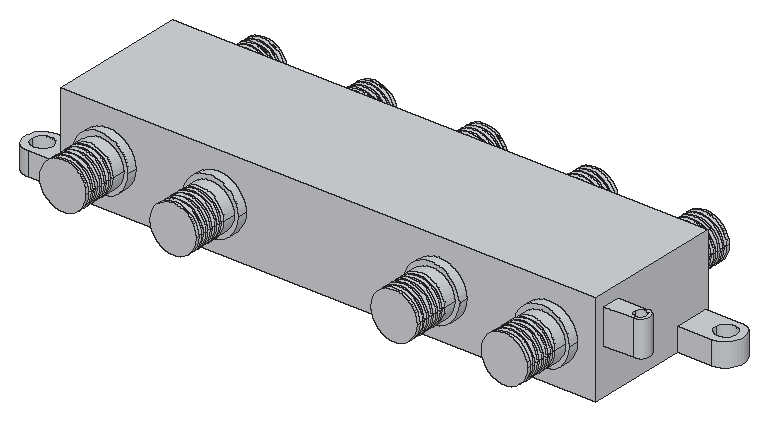
Revit family "Repetidor 812 ", category Aparatos eléctricos, Revit 2019 (continued)
Lines and regions (mm)
  model lines, detail levels fine
    curve 471: line (-47.718, -0.438, 0) -> (-46.381, -0.438, 0)
    curve 472: line (-44.071, -0.919, 0) -> (-45.405, -0.919, 0)
    curve 473: arc (-45.405, -0.919, 0) -> (-45.875, -0.778, 0) -> (-46.048, -0.319, 0) r 0.552
    curve 474: line (-46.048, -0.319, 0) -> (-46.048, 1.841, 0)
    curve 475: line (-46.048, 1.841, 0) -> (-45.557, 1.841, 0)
    curve 476: line (-45.557, 1.841, 0) -> (-45.557, -0.102, 0)
    curve 477: spline (-46.748, 0.571, 0) -> (-46.769, 0.64, 0) -> (-46.829, 0.704, 0) -> (-46.925, 0.76, 0) -> (-47.05, 0.802, 0) -> (-47.195, 0.829, 0) -> (-47.351, 0.838, 0) -> (-47.508, 0.829, 0) -> (-47.653, 0.802, 0) -> (-47.778, 0.76, 0) -> (-47.874, 0.704, 0) -> (-47.934, 0.64, 0) -> (-47.955, 0.571, 0) -> (-47.934, 0.501, 0) -> (-47.874, 0.437, 0) -> (-47.778, 0.381, 0) -> (-47.653, 0.339, 0) -> (-47.508, 0.312, 0) -> (-47.351, 0.303, 0) -> (-47.195, 0.312, 0) -> (-47.05, 0.339, 0) -> (-46.925, 0.381, 0) -> (-46.829, 0.437, 0) -> (-46.769, 0.501, 0) -> (-46.748, 0.571, 0)
    curve 478: line (-46.381, -0.438, 0) -> (-46.381, -0.919, 0)
    curve 479: line (-44.071, -0.39, 0) -> (-45.261, -0.39, 0)
    curve 480: arc (-45.261, -0.39, 0) -> (-45.467, -0.306, 0) -> (-45.557, -0.102, 0) r 0.296
    curve 481: line (-44.071, -0.919, 0) -> (-44.071, -0.39, 0)
  model lines, detail levels medium+fine
    curve 26: line (-0.19, 7.912, 20) -> (0.527, 6.265, 20)
    curve 27: arc (0.527, 6.265, 20) -> (1.2, 5.937, 20) -> (1.632, 6.548, 20) r 0.578
    curve 28: line (1.632, 6.548, 20) -> (1.679, 8.35, 20)
    curve 29: arc (1.679, 8.35, 20) -> (1.409, 8.621, 20) -> (1.151, 8.338, 20) r 0.264
    curve 30: line (1.151, 8.338, 20) -> (1.151, 6.834, 20)
    curve 31: line (-1.362, 8.527, 20) -> (-1.362, 6.117, 20)
    curve 32: line (0.845, 6.834, 20) -> (0.169, 8.287, 20)
    curve 33: arc (0.169, 8.287, 20) -> (-0.414, 8.642, 20) -> (-0.965, 8.238, 20) r 0.614
    curve 34: line (-0.965, 8.238, 20) -> (-0.965, 6.117, 20)
    curve 35: line (-2.725, 12.188, 20) -> (-2.725, 9.526, 20)
    curve 36: line (-2.725, 9.526, 20) -> (2.553, 9.526, 20)
    curve 37: line (2.553, 9.526, 20) -> (2.553, 12.171, 20)
    curve 38: line (0.093, 13.25, 20) -> (0.093, 11.719, 20)
    curve 39: line (-1.155, 11.719, 20) -> (-0.134, 10.698, 20)
    curve 40: line (-0.134, 10.698, 20) -> (0.888, 11.72, 20)
    curve 41: line (-0.461, 7.902, 20) -> (-0.461, 6.117, 20)
    curve 42: arc (-0.965, 6.117, 20) -> (-0.713, 5.865, 20) -> (-0.461, 6.117, 20) r 0.252
    curve 43: arc (-0.19, 7.912, 20) -> (-0.33, 8.038, 20) -> (-0.461, 7.902, 20) r 0.136
    curve 44: arc (1.151, 6.834, 20) -> (0.998, 6.737, 20) -> (0.845, 6.834, 20) r 0.169
    curve 45: line (-1.866, 8.527, 20) -> (-1.866, 6.117, 20)
    curve 46: line (-3.098, 12.188, 20) -> (-3.098, 9.152, 20)
    curve 47: line (-3.098, 9.152, 20) -> (2.927, 9.152, 20)
    curve 48: line (2.927, 9.152, 20) -> (2.927, 12.171, 20)
    curve 49: arc (-2.725, 12.188, 20) -> (-2.912, 12.374, 20) -> (-3.098, 12.188, 20) r 0.187
    curve 50: arc (2.553, 12.171, 20) -> (2.74, 12.358, 20) -> (2.927, 12.171, 20) r 0.187
    curve 51: line (-1.155, 11.719, 20) -> (0.093, 11.719, 20)
    curve 52: line (-0.134, 10.434, 20) -> (1.02, 11.588, 20)
    curve 53: line (-1.605, 11.906, 20) -> (-0.134, 10.434, 20)
    curve 54: line (-1.605, 11.906, 20) -> (-0.093, 11.906, 20)
    curve 55: line (-0.093, 13.25, 20) -> (-0.093, 11.906, 20)
    curve 56: arc (0.093, 13.25, 20) -> (0, 13.344, 20) -> (-0.093, 13.25, 20) r 0.093
    curve 57: arc (0.888, 11.72, 20) -> (1.02, 11.72, 20) -> (1.02, 11.588, 20) r 0.093
    curve 58: arc (-1.866, 6.117, 20) -> (-1.614, 5.865, 20) -> (-1.362, 6.117, 20) r 0.252
    curve 59: arc (-1.362, 8.527, 20) -> (-1.614, 8.78, 20) -> (-1.866, 8.527, 20) r 0.252
    curve 60: circle (-25.015, -8.535, 20) r 0.987 normal (0, 0, 1)
    curve 61: line (-22.335, -7.768, 20) -> (-22.335, -8.674, 20)
    curve 62: arc (-22.335, -8.674, 20) -> (-23.149, -9.468, 20) -> (-23.923, -8.635, 20) r 0.795
    curve 63: line (-23.923, -8.635, 20) -> (-23.923, -7.743, 20)
    curve 64: line (-22.203, -8.044, 20) -> (-21.708, -8.044, 20)
    curve 65: line (-21.708, -8.044, 20) -> (-21.708, -9.452, 20)
    curve 66: line (-21.708, -9.452, 20) -> (-21.285, -9.452, 20)
    curve 67: line (-21.285, -9.452, 20) -> (-21.285, -8.044, 20)
    curve 68: line (-21.285, -8.044, 20) -> (-20.795, -8.044, 20)
    curve 69: line (-21.796, -12.502, 20) -> (-21.796, -10.593, 20)
    curve 70: line (-21.796, -10.593, 20) -> (-25.541, -10.593, 20)
    curve 71: line (-25.541, -10.593, 20) -> (-25.541, -12.491, 20)
    curve 72: line (-25.926, -12.491, 20) -> (-25.926, -10.25, 20)
    curve 73: line (-25.926, -10.25, 20) -> (-21.413, -10.25, 20)
    curve 74: line (-21.413, -10.25, 20) -> (-21.413, -12.491, 20)
    curve 75: line (-23.655, -8.642, 20) -> (-23.655, -7.743, 20)
    curve 76: line (-22.602, -7.768, 20) -> (-22.602, -8.674, 20)
    curve 77: arc (-22.602, -8.674, 20) -> (-23.145, -9.201, 20) -> (-23.655, -8.642, 20) r 0.527
    curve 78: arc (-22.335, -7.768, 20) -> (-22.469, -7.634, 20) -> (-22.602, -7.768, 20) r 0.134
    curve 79: arc (-23.923, -7.743, 20) -> (-23.789, -7.609, 20) -> (-23.655, -7.743, 20) r 0.134
    curve 80: circle (-25.015, -8.535, 20) r 0.719 normal (0, 0, 1)
    curve 81: line (-22.203, -7.621, 20) -> (-20.795, -7.621, 20)
    curve 82: line (-22.203, -8.044, 20) -> (-22.203, -7.621, 20)
    curve 83: line (-20.795, -8.044, 20) -> (-20.795, -7.621, 20)
    curve 84: arc (-21.413, -12.491, 20) -> (-21.599, -12.694, 20) -> (-21.796, -12.502, 20) r 0.192
    curve 85: arc (-25.541, -12.491, 20) -> (-25.734, -12.684, 20) -> (-25.926, -12.491, 20) r 0.193
    curve 86: line (-23.49, -10.862, 20) -> (-23.49, -12.296, 20)
    curve 87: line (-24.388, -12.296, 20) -> (-23.655, -13.029, 20)
    curve 88: line (-23.655, -13.029, 20) -> (-22.923, -12.296, 20)
    curve 89: line (-24.388, -12.296, 20) -> (-23.49, -12.296, 20)
    curve 90: line (-23.655, -13.218, 20) -> (-22.828, -12.391, 20)
    curve 91: line (-24.711, -12.163, 20) -> (-23.655, -13.218, 20)
    curve 92: line (-24.711, -12.163, 20) -> (-23.629, -12.163, 20)
    curve 93: line (-23.629, -10.862, 20) -> (-23.629, -12.163, 20)
    curve 94: arc (-23.49, -10.862, 20) -> (-23.56, -10.792, 20) -> (-23.629, -10.862, 20) r 0.07
    curve 95: arc (-22.923, -12.296, 20) -> (-22.828, -12.296, 20) -> (-22.828, -12.391, 20) r 0.067
    curve 248: line (-6.321, 0.59, 20) -> (-8.166, 0.59, 20)
    curve 249: arc (-8.166, 0.59, 20) -> (-8.596, 1.02, 20) -> (-8.166, 1.449, 20) r 0.43
    curve 250: line (-8.166, 1.449, 20) -> (-6.321, 1.449, 20)
    curve 251: arc (-6.321, 1.449, 20) -> (-5.938, 1.832, 20) -> (-6.321, 2.215, 20) r 0.383
    curve 252: line (-6.321, 2.215, 20) -> (-8.288, 2.215, 20)
    curve 253: arc (-8.288, 2.215, 20) -> (-9.374, 1.345, 20) -> (-8.504, 0.259, 20) r 0.984
    curve 254: arc (-8.504, 0.259, 20) -> (-9.399, -0.869, 20) -> (-8.272, -1.765, 20) r 1.018
    curve 255: line (-8.272, -1.765, 20) -> (-6.321, -1.765, 20)
    curve 256: arc (-6.321, -1.765, 20) -> (-5.934, -1.377, 20) -> (-6.321, -0.99, 20) r 0.387
    curve 257: line (-6.321, -0.99, 20) -> (-8.166, -0.99, 20)
    curve 258: arc (-8.166, -0.99, 20) -> (-8.609, -0.548, 20) -> (-8.166, -0.106, 20) r 0.442
    curve 259: line (-8.166, -0.106, 20) -> (-6.321, -0.106, 20)
    curve 260: arc (-6.321, -0.106, 20) -> (-5.973, 0.242, 20) -> (-6.321, 0.59, 20) r 0.348
    curve 261: line (-10.599, -1.765, 20) -> (-11.695, -1.765, 20)
    curve 262: line (-11.695, -1.765, 20) -> (-12.584, -0.322, 20)
    curve 263: line (-12.584, -0.322, 20) -> (-13.699, -0.332, 20)
    curve 264: line (-13.699, -0.332, 20) -> (-13.699, -1.765, 20)
    curve 265: line (-13.699, -1.765, 20) -> (-14.471, -1.765, 20)
    curve 266: line (-14.471, -1.765, 20) -> (-14.471, 0.454, 20)
    curve 267: line (-14.471, 0.454, 20) -> (-12.15, 0.454, 20)
    curve 268: arc (-12.15, 0.454, 20) -> (-11.671, 0.932, 20) -> (-12.15, 1.41, 20) r 0.478
    curve 269: line (-12.15, 1.41, 20) -> (-14.471, 1.41, 20)
    curve 270: line (-14.471, 1.41, 20) -> (-14.471, 2.215, 20)
    curve 271: line (-14.471, 2.215, 20) -> (-12.053, 2.215, 20)
    curve 272: arc (-12.053, 2.215, 20) -> (-10.812, 1.094, 20) -> (-11.802, -0.254, 20) r 1.247
    curve 273: line (-11.802, -0.254, 20) -> (-10.599, -1.765, 20)
    curve 274: line (-4.339, -0.24, 20) -> (-4.339, -1.765, 20)
    curve 275: line (-4.339, -1.765, 20) -> (-5.196, -1.765, 20)
    curve 276: line (-5.196, -1.765, 20) -> (-5.196, -0.066, 20)
    curve 277: arc (-5.196, -0.066, 20) -> (-5.018, 0.358, 20) -> (-4.591, 0.528, 20) r 0.594
    curve 278: line (-4.591, 0.528, 20) -> (-2.773, 0.528, 20)
    curve 279: arc (-2.773, 0.528, 20) -> (-2.338, 0.963, 20) -> (-2.773, 1.398, 20) r 0.435
    curve 280: line (-2.773, 1.398, 20) -> (-5.196, 1.388, 20)
    curve 281: line (-5.196, 1.388, 20) -> (-5.196, 2.215, 20)
    curve 282: line (-5.196, 2.215, 20) -> (-2.852, 2.215, 20)
    curve 283: arc (-2.852, 2.215, 20) -> (-1.625, 0.988, 20) -> (-2.852, -0.24, 20) r 1.228
    curve 284: line (-2.852, -0.24, 20) -> (-4.339, -0.24, 20)
    curve 482: line (-0.19, 7.912, 0) -> (0.527, 6.265, 0)
    curve 483: arc (0.527, 6.265, 0) -> (1.2, 5.937, 0) -> (1.632, 6.548, 0) r 0.578
    curve 484: line (1.632, 6.548, 0) -> (1.679, 8.35, 0)
    curve 485: arc (1.679, 8.35, 0) -> (1.409, 8.621, 0) -> (1.151, 8.338, 0) r 0.264
    curve 486: line (1.151, 8.338, 0) -> (1.151, 6.834, 0)
    curve 487: line (-1.362, 8.527, 0) -> (-1.362, 6.117, 0)
    curve 488: line (0.845, 6.834, 0) -> (0.169, 8.287, 0)
    curve 489: arc (0.169, 8.287, 0) -> (-0.414, 8.642, 0) -> (-0.965, 8.238, 0) r 0.614
    curve 490: line (-0.965, 8.238, 0) -> (-0.965, 6.117, 0)
    curve 491: line (-2.725, 12.188, 0) -> (-2.725, 9.526, 0)
    curve 492: line (-2.725, 9.526, 0) -> (2.553, 9.526, 0)
    curve 493: line (2.553, 9.526, 0) -> (2.553, 12.171, 0)
    curve 494: line (0.093, 13.25, 0) -> (0.093, 11.719, 0)
    curve 495: line (-1.155, 11.719, 0) -> (-0.134, 10.698, 0)
    curve 496: line (-0.134, 10.698, 0) -> (0.888, 11.72, 0)
    curve 497: line (-0.461, 7.902, 0) -> (-0.461, 6.117, 0)
    curve 498: arc (-0.965, 6.117, 0) -> (-0.713, 5.865, 0) -> (-0.461, 6.117, 0) r 0.252
    curve 499: arc (-0.19, 7.912, 0) -> (-0.33, 8.038, 0) -> (-0.461, 7.902, 0) r 0.136
    curve 500: arc (1.151, 6.834, 0) -> (0.998, 6.737, 0) -> (0.845, 6.834, 0) r 0.169
    curve 501: line (-1.866, 8.527, 0) -> (-1.866, 6.117, 0)
    curve 502: line (-3.098, 12.188, 0) -> (-3.098, 9.152, 0)
    curve 503: line (-3.098, 9.152, 0) -> (2.927, 9.152, 0)
    curve 504: line (2.927, 9.152, 0) -> (2.927, 12.171, 0)
    curve 505: arc (-2.725, 12.188, 0) -> (-2.912, 12.374, 0) -> (-3.098, 12.188, 0) r 0.187
    curve 506: arc (2.553, 12.171, 0) -> (2.74, 12.358, 0) -> (2.927, 12.171, 0) r 0.187
    curve 507: line (-1.155, 11.719, 0) -> (0.093, 11.719, 0)
    curve 508: line (-0.134, 10.434, 0) -> (1.02, 11.588, 0)
    curve 509: line (-1.605, 11.906, 0) -> (-0.134, 10.434, 0)
    curve 510: line (-1.605, 11.906, 0) -> (-0.093, 11.906, 0)
    curve 511: line (-0.093, 13.25, 0) -> (-0.093, 11.906, 0)
    curve 512: arc (0.093, 13.25, 0) -> (0, 13.344, 0) -> (-0.093, 13.25, 0) r 0.093
    curve 513: arc (0.888, 11.72, 0) -> (1.02, 11.72, 0) -> (1.02, 11.588, 0) r 0.093
    curve 514: arc (-1.866, 6.117, 0) -> (-1.614, 5.865, 0) -> (-1.362, 6.117, 0) r 0.252
    curve 515: arc (-1.362, 8.527, 0) -> (-1.614, 8.78, 0) -> (-1.866, 8.527, 0) r 0.252
    curve 516: circle (-3.329, -7.575, 0) r 0.987 normal (0, 0, 1)
    curve 517: line (-0.649, -6.809, 0) -> (-0.649, -7.714, 0)
    curve 518: arc (-0.649, -7.714, 0) -> (-1.463, -8.509, 0) -> (-2.237, -7.675, 0) r 0.795
    curve 519: line (-2.237, -7.675, 0) -> (-2.237, -6.784, 0)
    curve 520: line (-0.517, -7.084, 0) -> (-0.022, -7.084, 0)
    curve 521: line (-0.022, -7.084, 0) -> (-0.022, -8.492, 0)
    curve 522: line (-0.022, -8.492, 0) -> (0.401, -8.492, 0)
    curve 523: line (0.401, -8.492, 0) -> (0.401, -7.084, 0)
    curve 524: line (0.401, -7.084, 0) -> (0.892, -7.084, 0)
    curve 525: line (-0.11, -11.543, 0) -> (-0.11, -9.634, 0)
    curve 526: line (-0.11, -9.634, 0) -> (-3.855, -9.634, 0)
    curve 527: line (-3.855, -9.634, 0) -> (-3.855, -11.531, 0)
    curve 528: line (-4.24, -11.531, 0) -> (-4.24, -9.29, 0)
    curve 529: line (-4.24, -9.29, 0) -> (0.273, -9.29, 0)
    curve 530: line (0.273, -9.29, 0) -> (0.273, -11.531, 0)
    curve 531: line (-1.969, -7.682, 0) -> (-1.969, -6.784, 0)
    curve 532: line (-0.916, -6.809, 0) -> (-0.916, -7.714, 0)
    curve 533: arc (-0.916, -7.714, 0) -> (-1.459, -8.241, 0) -> (-1.969, -7.682, 0) r 0.527
    curve 534: arc (-0.649, -6.809, 0) -> (-0.782, -6.675, 0) -> (-0.916, -6.809, 0) r 0.134
    curve 535: arc (-2.237, -6.784, 0) -> (-2.103, -6.65, 0) -> (-1.969, -6.784, 0) r 0.134
    curve 536: circle (-3.329, -7.575, 0) r 0.719 normal (0, 0, 1)
    curve 537: line (-0.517, -6.661, 0) -> (0.892, -6.661, 0)
    curve 538: line (-0.517, -7.084, 0) -> (-0.517, -6.661, 0)
    curve 539: line (0.892, -7.084, 0) -> (0.892, -6.661, 0)
    curve 540: arc (0.273, -11.531, 0) -> (0.087, -11.735, 0) -> (-0.11, -11.543, 0) r 0.192
    curve 541: arc (-3.855, -11.531, 0) -> (-4.048, -11.724, 0) -> (-4.24, -11.531, 0) r 0.193
    curve 542: line (-1.804, -9.902, 0) -> (-1.804, -11.337, 0)
    curve 543: line (-2.702, -11.337, 0) -> (-1.969, -12.069, 0)
    curve 544: line (-1.969, -12.069, 0) -> (-1.237, -11.336, 0)
    curve 545: line (-2.702, -11.337, 0) -> (-1.804, -11.337, 0)
    curve 546: line (-1.969, -12.258, 0) -> (-1.142, -11.431, 0)
    curve 547: line (-3.025, -11.203, 0) -> (-1.969, -12.258, 0)
    curve 548: line (-3.025, -11.203, 0) -> (-1.943, -11.203, 0)
    curve 549: line (-1.943, -9.902, 0) -> (-1.943, -11.203, 0)
    curve 550: arc (-1.804, -9.902, 0) -> (-1.874, -9.833, 0) -> (-1.943, -9.902, 0) r 0.07
    curve 551: arc (-1.237, -11.336, 0) -> (-1.142, -11.336, 0) -> (-1.142, -11.431, 0) r 0.067
    curve 552: line (-13.799, 2.641, 0) -> (-15.644, 2.641, 0)
    curve 553: arc (-15.644, 2.641, 0) -> (-16.074, 3.07, 0) -> (-15.644, 3.5, 0) r 0.43
    curve 554: line (-15.644, 3.5, 0) -> (-13.799, 3.5, 0)
    curve 555: arc (-13.799, 3.5, 0) -> (-13.416, 3.883, 0) -> (-13.799, 4.266, 0) r 0.383
    curve 556: line (-13.799, 4.266, 0) -> (-15.766, 4.266, 0)
    curve 557: arc (-15.766, 4.266, 0) -> (-16.852, 3.396, 0) -> (-15.982, 2.309, 0) r 0.984
    curve 558: arc (-15.982, 2.309, 0) -> (-16.877, 1.182, 0) -> (-15.75, 0.286, 0) r 1.018
    curve 559: line (-15.75, 0.286, 0) -> (-13.799, 0.286, 0)
    curve 560: arc (-13.799, 0.286, 0) -> (-13.412, 0.673, 0) -> (-13.799, 1.06, 0) r 0.387
    curve 561: line (-13.799, 1.06, 0) -> (-15.644, 1.06, 0)
    curve 562: arc (-15.644, 1.06, 0) -> (-16.087, 1.502, 0) -> (-15.644, 1.945, 0) r 0.442
    curve 563: line (-15.644, 1.945, 0) -> (-13.799, 1.945, 0)
    curve 564: arc (-13.799, 1.945, 0) -> (-13.451, 2.293, 0) -> (-13.799, 2.641, 0) r 0.348
    curve 565: line (-18.077, 0.286, 0) -> (-19.173, 0.286, 0)
    curve 566: line (-19.173, 0.286, 0) -> (-20.062, 1.728, 0)
    curve 567: line (-20.062, 1.728, 0) -> (-21.176, 1.718, 0)
    curve 568: line (-21.176, 1.718, 0) -> (-21.176, 0.286, 0)
    curve 569: line (-21.176, 0.286, 0) -> (-21.949, 0.286, 0)
    curve 570: line (-21.949, 0.286, 0) -> (-21.949, 2.504, 0)
    curve 571: line (-21.949, 2.504, 0) -> (-19.628, 2.504, 0)
    curve 572: arc (-19.628, 2.504, 0) -> (-19.149, 2.982, 0) -> (-19.628, 3.461, 0) r 0.478
    curve 573: line (-19.628, 3.461, 0) -> (-21.949, 3.461, 0)
    curve 574: line (-21.949, 3.461, 0) -> (-21.949, 4.266, 0)
    curve 575: line (-21.949, 4.266, 0) -> (-19.531, 4.266, 0)
    curve 576: arc (-19.531, 4.266, 0) -> (-18.29, 3.145, 0) -> (-19.28, 1.797, 0) r 1.247
    curve 577: line (-19.28, 1.797, 0) -> (-18.077, 0.286, 0)
    curve 578: line (-11.817, 1.811, 0) -> (-11.817, 0.286, 0)
    curve 579: line (-11.817, 0.286, 0) -> (-12.674, 0.286, 0)
    curve 580: line (-12.674, 0.286, 0) -> (-12.674, 1.985, 0)
    curve 581: arc (-12.674, 1.985, 0) -> (-12.496, 2.409, 0) -> (-12.069, 2.578, 0) r 0.594
    curve 582: line (-12.069, 2.578, 0) -> (-10.251, 2.578, 0)
    curve 583: arc (-10.251, 2.578, 0) -> (-9.816, 3.013, 0) -> (-10.251, 3.448, 0) r 0.435
    curve 584: line (-10.251, 3.448, 0) -> (-12.674, 3.438, 0)
    curve 585: line (-12.674, 3.438, 0) -> (-12.674, 4.266, 0)
    curve 586: line (-12.674, 4.266, 0) -> (-10.33, 4.266, 0)
    curve 587: arc (-10.33, 4.266, 0) -> (-9.102, 3.038, 0) -> (-10.33, 1.811, 0) r 1.228
    curve 588: line (-10.33, 1.811, 0) -> (-11.817, 1.811, 0)
    curve 661: circle (22.485, -8.535, 20) r 0.987 normal (0, 0, 1)
    curve 662: line (25.165, -7.768, 20) -> (25.165, -8.674, 20)
    curve 663: arc (25.165, -8.674, 20) -> (24.351, -9.468, 20) -> (23.577, -8.635, 20) r 0.795
    curve 664: line (23.577, -8.635, 20) -> (23.577, -7.743, 20)
    curve 665: line (25.297, -8.044, 20) -> (25.792, -8.044, 20)
    curve 666: line (25.792, -8.044, 20) -> (25.792, -9.452, 20)
    curve 667: line (25.792, -9.452, 20) -> (26.215, -9.452, 20)
    curve 668: line (26.215, -9.452, 20) -> (26.215, -8.044, 20)
    curve 669: line (26.215, -8.044, 20) -> (26.705, -8.044, 20)
    curve 670: line (25.704, -12.502, 20) -> (25.704, -10.593, 20)
    curve 671: line (25.704, -10.593, 20) -> (21.959, -10.593, 20)
    curve 672: line (21.959, -10.593, 20) -> (21.959, -12.491, 20)
    curve 673: line (21.574, -12.491, 20) -> (21.574, -10.25, 20)
    curve 674: line (21.574, -10.25, 20) -> (26.087, -10.25, 20)
    curve 675: line (26.087, -10.25, 20) -> (26.087, -12.491, 20)
    curve 676: line (23.845, -8.642, 20) -> (23.845, -7.743, 20)
    curve 677: line (24.898, -7.768, 20) -> (24.898, -8.674, 20)
    curve 678: arc (24.898, -8.674, 20) -> (24.355, -9.201, 20) -> (23.845, -8.642, 20) r 0.527
    curve 679: arc (25.165, -7.768, 20) -> (25.031, -7.634, 20) -> (24.898, -7.768, 20) r 0.134
    curve 680: arc (23.577, -7.743, 20) -> (23.711, -7.609, 20) -> (23.845, -7.743, 20) r 0.134
    curve 681: circle (22.485, -8.535, 20) r 0.719 normal (0, 0, 1)
    curve 682: line (25.297, -7.621, 20) -> (26.705, -7.621, 20)
    curve 683: line (25.297, -8.044, 20) -> (25.297, -7.621, 20)
    curve 684: line (26.705, -8.044, 20) -> (26.705, -7.621, 20)
    curve 685: arc (26.087, -12.491, 20) -> (25.901, -12.694, 20) -> (25.704, -12.502, 20) r 0.192
    curve 686: arc (21.959, -12.491, 20) -> (21.766, -12.684, 20) -> (21.574, -12.491, 20) r 0.193
    curve 687: line (24.01, -10.862, 20) -> (24.01, -12.296, 20)
    curve 688: line (23.112, -12.296, 20) -> (23.845, -13.029, 20)
    curve 689: line (23.845, -13.029, 20) -> (24.577, -12.296, 20)
    curve 690: line (23.112, -12.296, 20) -> (24.01, -12.296, 20)
    curve 691: line (23.845, -13.218, 20) -> (24.672, -12.391, 20)
    curve 692: line (22.789, -12.163, 20) -> (23.845, -13.218, 20)
    curve 693: line (22.789, -12.163, 20) -> (23.871, -12.163, 20)
    curve 694: line (23.871, -10.862, 20) -> (23.871, -12.163, 20)
    curve 695: arc (24.01, -10.862, 20) -> (23.94, -10.792, 20) -> (23.871, -10.862, 20) r 0.07
    curve 696: arc (24.577, -12.296, 20) -> (24.672, -12.296, 20) -> (24.672, -12.391, 20) r 0.067
    curve 697: circle (46.235, -8.535, 20) r 0.987 normal (0, 0, 1)
    curve 698: line (48.915, -7.768, 20) -> (48.915, -8.674, 20)
    curve 699: arc (48.915, -8.674, 20) -> (48.101, -9.468, 20) -> (47.327, -8.635, 20) r 0.795
    curve 700: line (47.327, -8.635, 20) -> (47.327, -7.743, 20)
    curve 701: line (49.047, -8.044, 20) -> (49.542, -8.044, 20)
    curve 702: line (49.542, -8.044, 20) -> (49.542, -9.452, 20)
    curve 703: line (49.542, -9.452, 20) -> (49.965, -9.452, 20)
    curve 704: line (49.965, -9.452, 20) -> (49.965, -8.044, 20)
    curve 705: line (49.965, -8.044, 20) -> (50.455, -8.044, 20)
    curve 706: line (49.454, -12.502, 20) -> (49.454, -10.593, 20)
    curve 707: line (49.454, -10.593, 20) -> (45.709, -10.593, 20)
    curve 708: line (45.709, -10.593, 20) -> (45.709, -12.491, 20)
    curve 709: line (45.324, -12.491, 20) -> (45.324, -10.25, 20)
    curve 710: line (45.324, -10.25, 20) -> (49.837, -10.25, 20)
    curve 711: line (49.837, -10.25, 20) -> (49.837, -12.491, 20)
    curve 712: line (47.595, -8.642, 20) -> (47.595, -7.743, 20)
    curve 713: line (48.648, -7.768, 20) -> (48.648, -8.674, 20)
    curve 714: arc (48.648, -8.674, 20) -> (48.105, -9.201, 20) -> (47.595, -8.642, 20) r 0.527
    curve 715: arc (48.915, -7.768, 20) -> (48.781, -7.634, 20) -> (48.648, -7.768, 20) r 0.134
    curve 716: arc (47.327, -7.743, 20) -> (47.461, -7.609, 20) -> (47.595, -7.743, 20) r 0.134
    curve 717: circle (46.235, -8.535, 20) r 0.719 normal (0, 0, 1)
    curve 718: line (49.047, -7.621, 20) -> (50.455, -7.621, 20)
    curve 719: line (49.047, -8.044, 20) -> (49.047, -7.621, 20)
    curve 720: line (50.455, -8.044, 20) -> (50.455, -7.621, 20)
    curve 721: arc (49.837, -12.491, 20) -> (49.651, -12.694, 20) -> (49.454, -12.502, 20) r 0.192
    curve 722: arc (45.709, -12.491, 20) -> (45.516, -12.684, 20) -> (45.324, -12.491, 20) r 0.193
    curve 723: line (47.76, -10.862, 20) -> (47.76, -12.296, 20)
    curve 724: line (46.862, -12.296, 20) -> (47.595, -13.029, 20)
    curve 725: line (47.595, -13.029, 20) -> (48.327, -12.296, 20)
    curve 726: line (46.862, -12.296, 20) -> (47.76, -12.296, 20)
    curve 727: line (47.595, -13.218, 20) -> (48.422, -12.391, 20)
    curve 728: line (46.539, -12.163, 20) -> (47.595, -13.218, 20)
    curve 729: line (46.539, -12.163, 20) -> (47.621, -12.163, 20)
    curve 730: line (47.621, -10.862, 20) -> (47.621, -12.163, 20)
    curve 731: arc (47.76, -10.862, 20) -> (47.69, -10.792, 20) -> (47.621, -10.862, 20) r 0.07
    curve 732: arc (48.327, -12.296, 20) -> (48.422, -12.296, 20) -> (48.422, -12.391, 20) r 0.067
    curve 733: circle (-48.765, -8.535, 20) r 0.987 normal (0, 0, 1)
    curve 734: line (-46.085, -7.768, 20) -> (-46.085, -8.674, 20)
    curve 735: arc (-46.085, -8.674, 20) -> (-46.899, -9.468, 20) -> (-47.673, -8.635, 20) r 0.795
    curve 736: line (-47.673, -8.635, 20) -> (-47.673, -7.743, 20)
    curve 737: line (-45.953, -8.044, 20) -> (-45.458, -8.044, 20)
    curve 738: line (-45.458, -8.044, 20) -> (-45.458, -9.452, 20)
    curve 739: line (-45.458, -9.452, 20) -> (-45.035, -9.452, 20)
    curve 740: line (-45.035, -9.452, 20) -> (-45.035, -8.044, 20)
    curve 741: line (-45.035, -8.044, 20) -> (-44.545, -8.044, 20)
    curve 742: line (-45.546, -12.502, 20) -> (-45.546, -10.593, 20)
    curve 743: line (-45.546, -10.593, 20) -> (-49.291, -10.593, 20)
    curve 744: line (-49.291, -10.593, 20) -> (-49.291, -12.491, 20)
    curve 745: line (-49.676, -12.491, 20) -> (-49.676, -10.25, 20)
    curve 746: line (-49.676, -10.25, 20) -> (-45.163, -10.25, 20)
    curve 747: line (-45.163, -10.25, 20) -> (-45.163, -12.491, 20)
    curve 748: line (-47.405, -8.642, 20) -> (-47.405, -7.743, 20)
    curve 749: line (-46.352, -7.768, 20) -> (-46.352, -8.674, 20)
    curve 750: arc (-46.352, -8.674, 20) -> (-46.895, -9.201, 20) -> (-47.405, -8.642, 20) r 0.527
    curve 751: arc (-46.085, -7.768, 20) -> (-46.219, -7.634, 20) -> (-46.352, -7.768, 20) r 0.134
    curve 752: arc (-47.673, -7.743, 20) -> (-47.539, -7.609, 20) -> (-47.405, -7.743, 20) r 0.134
    curve 753: circle (-48.765, -8.535, 20) r 0.719 normal (0, 0, 1)
    curve 754: line (-45.953, -7.621, 20) -> (-44.545, -7.621, 20)
    curve 755: line (-45.953, -8.044, 20) -> (-45.953, -7.621, 20)
    curve 756: line (-44.545, -8.044, 20) -> (-44.545, -7.621, 20)
    curve 757: arc (-45.163, -12.491, 20) -> (-45.349, -12.694, 20) -> (-45.546, -12.502, 20) r 0.192
    curve 758: arc (-49.291, -12.491, 20) -> (-49.484, -12.684, 20) -> (-49.676, -12.491, 20) r 0.193
    curve 759: line (-47.24, -10.862, 20) -> (-47.24, -12.296, 20)
    curve 760: line (-48.138, -12.296, 20) -> (-47.405, -13.029, 20)
    curve 761: line (-47.405, -13.029, 20) -> (-46.673, -12.296, 20)
    curve 762: line (-48.138, -12.296, 20) -> (-47.24, -12.296, 20)
    curve 763: line (-47.405, -13.218, 20) -> (-46.578, -12.391, 20)
    curve 764: line (-48.461, -12.163, 20) -> (-47.405, -13.218, 20)
    curve 765: line (-48.461, -12.163, 20) -> (-47.379, -12.163, 20)
    curve 766: line (-47.379, -10.862, 20) -> (-47.379, -12.163, 20)
    curve 767: arc (-47.24, -10.862, 20) -> (-47.31, -10.792, 20) -> (-47.379, -10.862, 20) r 0.07
    curve 768: arc (-46.673, -12.296, 20) -> (-46.578, -12.296, 20) -> (-46.578, -12.391, 20) r 0.067
    curve 769: circle (-25.327, 11.047, 20) r 0.987 normal (0, 0, 1)
    curve 770: line (-22.647, 11.813, 20) -> (-22.647, 10.908, 20)
    curve 771: arc (-22.647, 10.908, 20) -> (-23.462, 10.113, 20) -> (-24.236, 10.947, 20) r 0.795
    curve 772: line (-24.236, 10.947, 20) -> (-24.236, 11.838, 20)
    curve 773: line (-22.516, 11.537, 20) -> (-22.02, 11.537, 20)
    curve 774: line (-22.02, 11.537, 20) -> (-22.02, 10.13, 20)
    curve 775: line (-22.02, 10.13, 20) -> (-21.597, 10.13, 20)
    curve 776: line (-21.597, 10.13, 20) -> (-21.597, 11.537, 20)
    curve 777: line (-21.597, 11.537, 20) -> (-21.107, 11.537, 20)
    curve 778: line (-22.109, 7.079, 20) -> (-22.109, 8.988, 20)
    curve 779: line (-22.109, 8.988, 20) -> (-25.853, 8.988, 20)
    curve 780: line (-25.853, 8.988, 20) -> (-25.853, 7.091, 20)
    curve 781: line (-26.239, 7.091, 20) -> (-26.239, 9.332, 20)
    curve 782: line (-26.239, 9.332, 20) -> (-21.725, 9.332, 20)
    curve 783: line (-21.725, 9.332, 20) -> (-21.725, 7.091, 20)
    curve 784: line (-23.968, 10.94, 20) -> (-23.968, 11.838, 20)
    curve 785: line (-22.915, 11.813, 20) -> (-22.915, 10.908, 20)
    curve 786: arc (-22.915, 10.908, 20) -> (-23.458, 10.381, 20) -> (-23.968, 10.94, 20) r 0.527
    curve 787: arc (-22.647, 11.813, 20) -> (-22.781, 11.947, 20) -> (-22.915, 11.813, 20) r 0.134
    curve 788: arc (-24.236, 11.838, 20) -> (-24.102, 11.972, 20) -> (-23.968, 11.838, 20) r 0.134
    curve 789: circle (-25.327, 11.047, 20) r 0.719 normal (0, 0, 1)
    curve 790: line (-22.516, 11.961, 20) -> (-21.107, 11.961, 20)
    curve 791: line (-22.516, 11.537, 20) -> (-22.516, 11.961, 20)
    curve 792: line (-21.107, 11.537, 20) -> (-21.107, 11.961, 20)
    curve 793: arc (-21.725, 7.091, 20) -> (-21.911, 6.887, 20) -> (-22.109, 7.079, 20) r 0.192
    curve 794: arc (-25.853, 7.091, 20) -> (-26.046, 6.898, 20) -> (-26.239, 7.091, 20) r 0.193
    curve 795: line (-23.803, 8.72, 20) -> (-23.803, 7.285, 20)
    curve 796: line (-24.7, 7.285, 20) -> (-23.968, 6.553, 20)
    curve 797: line (-23.968, 6.553, 20) -> (-23.235, 7.286, 20)
    curve 798: line (-24.7, 7.285, 20) -> (-23.803, 7.285, 20)
    curve 799: line (-23.968, 6.364, 20) -> (-23.141, 7.191, 20)
    curve 800: line (-25.023, 7.419, 20) -> (-23.968, 6.364, 20)
    curve 801: line (-25.023, 7.419, 20) -> (-23.942, 7.419, 20)
    curve 802: line (-23.942, 8.72, 20) -> (-23.942, 7.419, 20)
    curve 803: arc (-23.803, 8.72, 20) -> (-23.872, 8.789, 20) -> (-23.942, 8.72, 20) r 0.07
    curve 804: arc (-23.235, 7.286, 20) -> (-23.141, 7.286, 20) -> (-23.141, 7.191, 20) r 0.067
    curve 805: circle (22.173, 11.047, 20) r 0.987 normal (0, 0, 1)
    curve 806: line (24.853, 11.813, 20) -> (24.853, 10.908, 20)
    curve 807: arc (24.853, 10.908, 20) -> (24.038, 10.113, 20) -> (23.264, 10.947, 20) r 0.795
    curve 808: line (23.264, 10.947, 20) -> (23.264, 11.838, 20)
    curve 809: line (24.984, 11.537, 20) -> (25.48, 11.537, 20)
    curve 810: line (25.48, 11.537, 20) -> (25.48, 10.13, 20)
    curve 811: line (25.48, 10.13, 20) -> (25.903, 10.13, 20)
    curve 812: line (25.903, 10.13, 20) -> (25.903, 11.537, 20)
    curve 813: line (25.903, 11.537, 20) -> (26.393, 11.537, 20)
    curve 814: line (25.391, 7.079, 20) -> (25.391, 8.988, 20)
    curve 815: line (25.391, 8.988, 20) -> (21.647, 8.988, 20)
    curve 816: line (21.647, 8.988, 20) -> (21.647, 7.091, 20)
    curve 817: line (21.261, 7.091, 20) -> (21.261, 9.332, 20)
    curve 818: line (21.261, 9.332, 20) -> (25.775, 9.332, 20)
    curve 819: line (25.775, 9.332, 20) -> (25.775, 7.091, 20)
    curve 820: line (23.532, 10.94, 20) -> (23.532, 11.838, 20)
    curve 821: line (24.585, 11.813, 20) -> (24.585, 10.908, 20)
    curve 822: arc (24.585, 10.908, 20) -> (24.042, 10.381, 20) -> (23.532, 10.94, 20) r 0.527
    curve 823: arc (24.853, 11.813, 20) -> (24.719, 11.947, 20) -> (24.585, 11.813, 20) r 0.134
    curve 824: arc (23.264, 11.838, 20) -> (23.398, 11.972, 20) -> (23.532, 11.838, 20) r 0.134
    curve 825: circle (22.173, 11.047, 20) r 0.719 normal (0, 0, 1)
    curve 826: line (24.984, 11.961, 20) -> (26.393, 11.961, 20)
    curve 827: line (24.984, 11.537, 20) -> (24.984, 11.961, 20)
    curve 828: line (26.393, 11.537, 20) -> (26.393, 11.961, 20)
    curve 829: arc (25.775, 7.091, 20) -> (25.589, 6.887, 20) -> (25.391, 7.079, 20) r 0.192
    curve 830: arc (21.647, 7.091, 20) -> (21.454, 6.898, 20) -> (21.261, 7.091, 20) r 0.193
    curve 831: line (23.697, 8.72, 20) -> (23.697, 7.285, 20)
    curve 832: line (22.8, 7.285, 20) -> (23.532, 6.553, 20)
    curve 833: line (23.532, 6.553, 20) -> (24.265, 7.286, 20)
    curve 834: line (22.8, 7.285, 20) -> (23.697, 7.285, 20)
    curve 835: line (23.532, 6.364, 20) -> (24.359, 7.191, 20)
    curve 836: line (22.477, 7.419, 20) -> (23.532, 6.364, 20)
    curve 837: line (22.477, 7.419, 20) -> (23.558, 7.419, 20)
    curve 838: line (23.558, 8.72, 20) -> (23.558, 7.419, 20)
    curve 839: arc (23.697, 8.72, 20) -> (23.628, 8.789, 20) -> (23.558, 8.72, 20) r 0.07
    curve 840: arc (24.265, 7.286, 20) -> (24.359, 7.286, 20) -> (24.359, 7.191, 20) r 0.067
    curve 841: circle (45.923, 11.047, 20) r 0.987 normal (0, 0, 1)
    curve 842: line (48.603, 11.813, 20) -> (48.603, 10.908, 20)
    curve 843: arc (48.603, 10.908, 20) -> (47.788, 10.113, 20) -> (47.014, 10.947, 20) r 0.795
    curve 844: line (47.014, 10.947, 20) -> (47.014, 11.838, 20)
    curve 845: line (48.734, 11.537, 20) -> (49.23, 11.537, 20)
    curve 846: line (49.23, 11.537, 20) -> (49.23, 10.13, 20)
    curve 847: line (49.23, 10.13, 20) -> (49.653, 10.13, 20)
    curve 848: line (49.653, 10.13, 20) -> (49.653, 11.537, 20)
    curve 849: line (49.653, 11.537, 20) -> (50.143, 11.537, 20)
    curve 850: line (49.141, 7.079, 20) -> (49.141, 8.988, 20)
    curve 851: line (49.141, 8.988, 20) -> (45.397, 8.988, 20)
    curve 852: line (45.397, 8.988, 20) -> (45.397, 7.091, 20)
    curve 853: line (45.011, 7.091, 20) -> (45.011, 9.332, 20)
    curve 854: line (45.011, 9.332, 20) -> (49.525, 9.332, 20)
    curve 855: line (49.525, 9.332, 20) -> (49.525, 7.091, 20)
    curve 856: line (47.282, 10.94, 20) -> (47.282, 11.838, 20)
    curve 857: line (48.335, 11.813, 20) -> (48.335, 10.908, 20)
    curve 858: arc (48.335, 10.908, 20) -> (47.792, 10.381, 20) -> (47.282, 10.94, 20) r 0.527
    curve 859: arc (48.603, 11.813, 20) -> (48.469, 11.947, 20) -> (48.335, 11.813, 20) r 0.134
    curve 860: arc (47.014, 11.838, 20) -> (47.148, 11.972, 20) -> (47.282, 11.838, 20) r 0.134
    curve 861: circle (45.923, 11.047, 20) r 0.719 normal (0, 0, 1)
    curve 862: line (48.734, 11.961, 20) -> (50.143, 11.961, 20)
    curve 863: line (48.734, 11.537, 20) -> (48.734, 11.961, 20)
    curve 864: line (50.143, 11.537, 20) -> (50.143, 11.961, 20)
    curve 865: arc (49.525, 7.091, 20) -> (49.339, 6.887, 20) -> (49.141, 7.079, 20) r 0.192
    curve 866: arc (45.397, 7.091, 20) -> (45.204, 6.898, 20) -> (45.011, 7.091, 20) r 0.193
    curve 867: line (47.447, 8.72, 20) -> (47.447, 7.285, 20)
    curve 868: line (46.55, 7.285, 20) -> (47.282, 6.553, 20)
    curve 869: line (47.282, 6.553, 20) -> (48.015, 7.286, 20)
    curve 870: line (46.55, 7.285, 20) -> (47.447, 7.285, 20)
    curve 871: line (47.282, 6.364, 20) -> (48.109, 7.191, 20)
    curve 872: line (46.227, 7.419, 20) -> (47.282, 6.364, 20)
    curve 873: line (46.227, 7.419, 20) -> (47.308, 7.419, 20)
    curve 874: line (47.308, 8.72, 20) -> (47.308, 7.419, 20)
    curve 875: arc (47.447, 8.72, 20) -> (47.378, 8.789, 20) -> (47.308, 8.72, 20) r 0.07
    curve 876: arc (48.015, 7.286, 20) -> (48.109, 7.286, 20) -> (48.109, 7.191, 20) r 0.067
    curve 877: circle (-49.077, 11.047, 20) r 0.987 normal (0, 0, 1)
    curve 878: line (-46.397, 11.813, 20) -> (-46.397, 10.908, 20)
    curve 879: arc (-46.397, 10.908, 20) -> (-47.212, 10.113, 20) -> (-47.986, 10.947, 20) r 0.795
    curve 880: line (-47.986, 10.947, 20) -> (-47.986, 11.838, 20)
    curve 881: line (-46.266, 11.537, 20) -> (-45.77, 11.537, 20)
    curve 882: line (-45.77, 11.537, 20) -> (-45.77, 10.13, 20)
    curve 883: line (-45.77, 10.13, 20) -> (-45.347, 10.13, 20)
    curve 884: line (-45.347, 10.13, 20) -> (-45.347, 11.537, 20)
    curve 885: line (-45.347, 11.537, 20) -> (-44.857, 11.537, 20)
    curve 886: line (-45.859, 7.079, 20) -> (-45.859, 8.988, 20)
    curve 887: line (-45.859, 8.988, 20) -> (-49.603, 8.988, 20)
    curve 888: line (-49.603, 8.988, 20) -> (-49.603, 7.091, 20)
    curve 889: line (-49.989, 7.091, 20) -> (-49.989, 9.332, 20)
    curve 890: line (-49.989, 9.332, 20) -> (-45.475, 9.332, 20)
    curve 891: line (-45.475, 9.332, 20) -> (-45.475, 7.091, 20)
    curve 892: line (-47.718, 10.94, 20) -> (-47.718, 11.838, 20)
    curve 893: line (-46.665, 11.813, 20) -> (-46.665, 10.908, 20)
    curve 894: arc (-46.665, 10.908, 20) -> (-47.208, 10.381, 20) -> (-47.718, 10.94, 20) r 0.527
    curve 895: arc (-46.397, 11.813, 20) -> (-46.531, 11.947, 20) -> (-46.665, 11.813, 20) r 0.134
    curve 896: arc (-47.986, 11.838, 20) -> (-47.852, 11.972, 20) -> (-47.718, 11.838, 20) r 0.134
    curve 897: circle (-49.077, 11.047, 20) r 0.719 normal (0, 0, 1)
    curve 898: line (-46.266, 11.961, 20) -> (-44.857, 11.961, 20)
    curve 899: line (-46.266, 11.537, 20) -> (-46.266, 11.961, 20)
    curve 900: line (-44.857, 11.537, 20) -> (-44.857, 11.961, 20)
    curve 901: arc (-45.475, 7.091, 20) -> (-45.661, 6.887, 20) -> (-45.859, 7.079, 20) r 0.192
    curve 902: arc (-49.603, 7.091, 20) -> (-49.796, 6.898, 20) -> (-49.989, 7.091, 20) r 0.193
    curve 903: line (-47.553, 8.72, 20) -> (-47.553, 7.285, 20)
    curve 904: line (-48.45, 7.285, 20) -> (-47.718, 6.553, 20)
    curve 905: line (-47.718, 6.553, 20) -> (-46.985, 7.286, 20)
    curve 906: line (-48.45, 7.285, 20) -> (-47.553, 7.285, 20)
    curve 907: line (-47.718, 6.364, 20) -> (-46.891, 7.191, 20)
    curve 908: line (-48.773, 7.419, 20) -> (-47.718, 6.364, 20)
    curve 909: line (-48.773, 7.419, 20) -> (-47.692, 7.419, 20)
    curve 910: line (-47.692, 8.72, 20) -> (-47.692, 7.419, 20)
    curve 911: arc (-47.553, 8.72, 20) -> (-47.622, 8.789, 20) -> (-47.692, 8.72, 20) r 0.07
    curve 912: arc (-46.985, 7.286, 20) -> (-46.891, 7.286, 20) -> (-46.891, 7.191, 20) r 0.067
  model lines, visible <- "Visibilidad 820", detail levels medium+fine
    curve 285: arc (3.952, 1.133, 20) -> (3.483, 1.603, 20) -> (3.952, 2.072, 20) r 0.469
    curve 286: arc (3.819, 2.713, 20) -> (2.633, 1.762, 20) -> (3.583, 0.576, 20) r 1.075
    curve 287: arc (3.583, 0.576, 20) -> (2.606, -0.655, 20) -> (3.837, -1.633, 20) r 1.112
    curve 288: arc (3.952, -0.934, 20) -> (3.469, -0.451, 20) -> (3.952, 0.032, 20) r 0.483
    curve 289: arc (4.752, 1.133, 20) -> (5.221, 1.603, 20) -> (4.752, 2.072, 20) r 0.469
    curve 290: arc (4.884, 2.713, 20) -> (6.07, 1.762, 20) -> (5.12, 0.576, 20) r 1.075
    curve 291: arc (5.12, 0.576, 20) -> (6.098, -0.655, 20) -> (4.867, -1.633, 20) r 1.112
    curve 292: arc (4.752, -0.934, 20) -> (5.234, -0.451, 20) -> (4.752, 0.032, 20) r 0.483
    curve 293: line (3.952, 1.133, 20) -> (4.752, 1.133, 20)
    curve 294: line (3.952, 2.072, 20) -> (4.752, 2.072, 20)
    curve 295: line (3.952, 0.032, 20) -> (4.752, 0.032, 20)
    curve 296: line (3.952, -0.934, 20) -> (4.752, -0.934, 20)
    curve 297: line (3.837, -1.633, 20) -> (4.867, -1.633, 20)
    curve 298: line (3.819, 2.713, 20) -> (4.884, 2.713, 20)
    curve 628: arc (-3.526, 3.184, 0) -> (-3.995, 3.653, 0) -> (-3.526, 4.122, 0) r 0.469
    curve 629: arc (-3.659, 4.763, 0) -> (-4.845, 3.813, 0) -> (-3.895, 2.627, 0) r 1.075
    curve 630: arc (-3.895, 2.627, 0) -> (-4.872, 1.396, 0) -> (-3.641, 0.418, 0) r 1.112
    curve 631: arc (-3.526, 1.117, 0) -> (-4.009, 1.6, 0) -> (-3.526, 2.082, 0) r 0.483
    curve 632: arc (-2.726, 3.184, 0) -> (-2.257, 3.653, 0) -> (-2.726, 4.122, 0) r 0.469
    curve 633: arc (-2.594, 4.763, 0) -> (-1.408, 3.813, 0) -> (-2.358, 2.627, 0) r 1.075
    curve 634: arc (-2.358, 2.627, 0) -> (-1.38, 1.396, 0) -> (-2.611, 0.418, 0) r 1.112
    curve 635: arc (-2.726, 1.117, 0) -> (-2.243, 1.6, 0) -> (-2.726, 2.082, 0) r 0.483
    curve 636: line (-3.526, 3.184, 0) -> (-2.726, 3.184, 0)
    curve 637: line (-3.526, 4.122, 0) -> (-2.726, 4.122, 0)
    curve 638: line (-3.526, 2.082, 0) -> (-2.726, 2.082, 0)
    curve 639: line (-3.526, 1.117, 0) -> (-2.726, 1.117, 0)
    curve 640: line (-3.641, 0.418, 0) -> (-2.611, 0.418, 0)
    curve 641: line (-3.659, 4.763, 0) -> (-2.594, 4.763, 0)
  model lines, visible <- "Visibilidad 825", detail levels medium+fine
    curve 299: line (11.06, -1.633, 20) -> (14.542, -1.633, 20)
    curve 300: arc (14.542, -1.633, 20) -> (15.009, -1.166, 20) -> (14.542, -0.699, 20) r 0.467
    curve 301: line (14.542, -0.699, 20) -> (12.137, -0.699, 20)
    curve 302: arc (12.137, -0.699, 20) -> (11.815, -0.377, 20) -> (12.137, -0.055, 20) r 0.322
    curve 303: line (12.137, -0.055, 20) -> (13.919, 0.156, 20)
    curve 304: arc (13.919, 0.156, 20) -> (15.058, 1.424, 20) -> (13.933, 2.704, 20) r 1.283
    curve 305: line (13.933, 2.704, 20) -> (11.389, 2.704, 20)
    curve 306: arc (11.389, 2.704, 20) -> (10.935, 2.25, 20) -> (11.389, 1.796, 20) r 0.454
    curve 307: line (11.389, 1.796, 20) -> (13.699, 1.796, 20)
    curve 308: arc (13.699, 1.796, 20) -> (14.082, 1.414, 20) -> (13.699, 1.031, 20) r 0.383
    curve 309: line (13.699, 1.031, 20) -> (11.891, 0.807, 20)
    curve 310: arc (11.891, 0.807, 20) -> (11.299, 0.496, 20) -> (11.06, -0.13, 20) r 0.948
    curve 311: line (11.06, -0.13, 20) -> (11.06, -1.633, 20)
    curve 642: line (3.582, 0.418, 0) -> (7.064, 0.418, 0)
    curve 643: arc (7.064, 0.418, 0) -> (7.531, 0.885, 0) -> (7.064, 1.351, 0) r 0.467
    curve 644: line (7.064, 1.351, 0) -> (4.659, 1.351, 0)
    curve 645: arc (4.659, 1.351, 0) -> (4.337, 1.674, 0) -> (4.659, 1.996, 0) r 0.322
    curve 646: line (4.659, 1.996, 0) -> (6.441, 2.207, 0)
    curve 647: arc (6.441, 2.207, 0) -> (7.58, 3.474, 0) -> (6.456, 4.755, 0) r 1.283
    curve 648: line (6.456, 4.755, 0) -> (3.911, 4.755, 0)
    curve 649: arc (3.911, 4.755, 0) -> (3.457, 4.301, 0) -> (3.911, 3.847, 0) r 0.454
    curve 650: line (3.911, 3.847, 0) -> (6.221, 3.847, 0)
    curve 651: arc (6.221, 3.847, 0) -> (6.604, 3.464, 0) -> (6.221, 3.082, 0) r 0.383
    curve 652: line (6.221, 3.082, 0) -> (4.413, 2.858, 0)
    curve 653: arc (4.413, 2.858, 0) -> (3.821, 2.546, 0) -> (3.582, 1.921, 0) r 0.948
    curve 654: line (3.582, 1.921, 0) -> (3.582, 0.418, 0)
  model lines, visible <- "Visibilidad 815", detail levels medium+fine
    curve 312: line (8.653, 1.568, 20) -> (8.653, -1.185, 20)
    curve 313: arc (8.653, -1.185, 20) -> (9.1, -1.633, 20) -> (9.547, -1.185, 20) r 0.447
    curve 314: line (9.547, -1.185, 20) -> (9.547, 3.013, 20)
    curve 315: line (9.547, 3.013, 20) -> (7.623, 1.929, 20)
    curve 316: arc (7.623, 1.929, 20) -> (7.659, 1.384, 20) -> (8.162, 1.17, 20) r 0.522
    curve 317: line (8.162, 1.17, 20) -> (8.653, 1.568, 20)
    curve 655: line (1.175, 3.619, 0) -> (1.175, 0.865, 0)
    curve 656: arc (1.175, 0.865, 0) -> (1.622, 0.418, 0) -> (2.069, 0.865, 0) r 0.447
    curve 657: line (2.069, 0.865, 0) -> (2.069, 5.064, 0)
    curve 658: line (2.069, 5.064, 0) -> (0.145, 3.98, 0)
    curve 659: arc (0.145, 3.98, 0) -> (0.181, 3.435, 0) -> (0.684, 3.221, 0) r 0.522
    curve 660: line (0.684, 3.221, 0) -> (1.175, 3.619, 0)
Dimensions and locks
  "Largo": plane 4 "Centro I/E" to plane 5 "Centro I/F"
  equal spacing: plane 7 "Centro I/H", plane 1 "Centro (Frontal/Posterior)", plane 6 "Centro I/G"
  "Altura": plane 7 "Centro I/H" to plane 6 "Centro I/G"
  equal spacing: plane 4 "Centro I/E", plane 3 "Centro (Izquierda/Derecha)", plane 5 "Centro I/F"
  "Conector": plane 8 "Centro I/K" to plane 7 "Centro I/H"
  locked: plane 4 "Centro I/E" to Extrusion 5 at 4
  "Conector": Extrusion 12 to Extrusion 1
  "Conector": Extrusion 1 to Extrusion 8
  "Conector": Extrusion 1 to Extrusion 9
  "Conector": Extrusion 26 to Extrusion 1
  locked: Extrusion 1 to Extrusion 26 at 4
  equal spacing: group 9, group 12, group 13, group 14, group 11  (x3)
  locked: Extrusion 42 to Extrusion 1 at 4
  locked: Extrusion 74 to Extrusion 1 at 4
  aligned and locked: level to plane 2
  aligned and locked: Extrusion 5 to plane 8 "Centro I/K"
Automatic sketch dimensions
  Extrusion 8 sketch curve to Extrusion 8 sketch curve = 0.00 mm  (x4)
  Extrusion 8 sketch curve to Extrusion 8 sketch curve = 6.519 mm
  Extrusion 8 sketch curve to Extrusion 8 sketch curve = 1.956 mm
  Extrusion 9 sketch curve to Extrusion 9 sketch curve = 0.00 mm  (x4)
  Extrusion 9 sketch curve to Extrusion 9 sketch curve = 7.50 mm
  Extrusion 9 sketch curve to Extrusion 9 sketch curve = 3.75 mm
  Extrusion 10 sketch curve to Extrusion 10 sketch curve = 0.00 mm  (x4)
  Extrusion 10 sketch curve to Extrusion 10 sketch curve = 7.50 mm
  Extrusion 10 sketch curve to Extrusion 10 sketch curve = 3.75 mm
  Extrusion 11 sketch curve to Extrusion 11 sketch curve = 0.00 mm  (x4)
  Extrusion 11 sketch curve to Extrusion 11 sketch curve = 6.519 mm
  Extrusion 11 sketch curve to Extrusion 11 sketch curve = 1.956 mm
  Extrusion 12 sketch curve to Extrusion 12 sketch curve = 0.00 mm  (x4)
  Extrusion 12 sketch curve to Extrusion 12 sketch curve = 7.50 mm
  Extrusion 12 sketch curve to Extrusion 12 sketch curve = 3.75 mm
  Revolve 13 sketch curve to Revolve 13 sketch curve = 0.79 mm
  Revolve 13 sketch curve to Revolve 13 sketch curve = 0.456 mm
  Revolve 13 sketch curve to Revolve 13 sketch curve = 0.912 mm
  Revolve 13 sketch curve to Revolve 13 sketch curve = 5.00 mm
  Revolve 13 sketch curve to Revolve 13 sketch curve = 0.97 mm
  Revolve 13 sketch curve to Revolve 13 sketch curve = 10.574 mm
  Revolve 15 sketch curve to Revolve 15 sketch curve = 0.79 mm
  Revolve 15 sketch curve to Revolve 15 sketch curve = 0.456 mm
  Revolve 15 sketch curve to Revolve 15 sketch curve = 0.912 mm
  Revolve 15 sketch curve to Revolve 15 sketch curve = 5.00 mm
  Revolve 15 sketch curve to Revolve 15 sketch curve = 2.082 mm
  Revolve 15 sketch curve to Revolve 15 sketch curve = 9.461 mm
  Revolve 17 sketch curve to Revolve 17 sketch curve = 0.79 mm  (x2)
  Revolve 17 sketch curve to Revolve 17 sketch curve = 0.456 mm  (x2)
  Revolve 17 sketch curve to Revolve 17 sketch curve = 0.912 mm  (x2)
  Revolve 17 sketch curve to Revolve 17 sketch curve = 5.00 mm  (x2)
  Revolve 17 sketch curve to Revolve 17 sketch curve = 3.282 mm  (x2)
  Revolve 17 sketch curve to Revolve 17 sketch curve = 8.261 mm  (x2)
  Revolve 18 sketch curve to Revolve 18 sketch curve = 0.79 mm  (x2)
  Revolve 18 sketch curve to Revolve 18 sketch curve = 0.456 mm  (x2)
  Revolve 18 sketch curve to Revolve 18 sketch curve = 0.912 mm  (x2)
  Revolve 18 sketch curve to Revolve 18 sketch curve = 4.21 mm  (x2)
  Revolve 18 sketch curve to Revolve 18 sketch curve = 4.482 mm  (x2)
  Revolve 18 sketch curve to Revolve 18 sketch curve = 5.518 mm  (x2)
  Revolve 19 sketch curve to Revolve 19 sketch curve = 0.79 mm  (x2)
  Revolve 19 sketch curve to Revolve 19 sketch curve = 0.456 mm  (x2)
  Revolve 19 sketch curve to Revolve 19 sketch curve = 0.912 mm  (x2)
  Revolve 19 sketch curve to Revolve 19 sketch curve = 4.21 mm  (x2)
  Revolve 19 sketch curve to Revolve 19 sketch curve = 5.682 mm  (x2)
  Revolve 19 sketch curve to Revolve 19 sketch curve = 4.318 mm  (x2)
  Revolve 20 sketch curve to Revolve 20 sketch curve = 0.79 mm  (x2)
  Revolve 20 sketch curve to Revolve 20 sketch curve = 0.456 mm  (x2)
  Revolve 20 sketch curve to Revolve 20 sketch curve = 0.912 mm  (x2)
  Revolve 20 sketch curve to Revolve 20 sketch curve = 4.21 mm  (x2)
  Revolve 20 sketch curve to Revolve 20 sketch curve = 6.882 mm  (x2)
  Revolve 20 sketch curve to Revolve 20 sketch curve = 3.118 mm  (x2)
  Revolve 14 sketch curve to Revolve 14 sketch curve = 0.79 mm
  Revolve 14 sketch curve to Revolve 14 sketch curve = 0.456 mm
  Revolve 14 sketch curve to Revolve 14 sketch curve = 0.912 mm
  Revolve 14 sketch curve to Revolve 14 sketch curve = 5.00 mm
  Revolve 14 sketch curve to Revolve 14 sketch curve = 0.97 mm
  Revolve 14 sketch curve to Revolve 14 sketch curve = 10.574 mm
  Revolve 16 sketch curve to Revolve 16 sketch curve = 0.79 mm
  Revolve 16 sketch curve to Revolve 16 sketch curve = 0.456 mm
  Revolve 16 sketch curve to Revolve 16 sketch curve = 0.912 mm
  Revolve 16 sketch curve to Revolve 16 sketch curve = 5.00 mm
  Revolve 16 sketch curve to Revolve 16 sketch curve = 2.082 mm
  Revolve 16 sketch curve to Revolve 16 sketch curve = 9.461 mm
  Revolve 21 sketch curve to Revolve 21 sketch curve = 0.79 mm
  Revolve 21 sketch curve to Revolve 21 sketch curve = 0.456 mm
  Revolve 21 sketch curve to Revolve 21 sketch curve = 0.912 mm
  Revolve 21 sketch curve to Revolve 21 sketch curve = 5.00 mm
  Revolve 21 sketch curve to Revolve 21 sketch curve = 3.282 mm
  Revolve 21 sketch curve to Revolve 21 sketch curve = 8.261 mm
  Revolve 22 sketch curve to Revolve 22 sketch curve = 0.79 mm
  Revolve 22 sketch curve to Revolve 22 sketch curve = 0.456 mm
  Revolve 22 sketch curve to Revolve 22 sketch curve = 0.912 mm
  Revolve 22 sketch curve to Revolve 22 sketch curve = 4.21 mm
  Revolve 22 sketch curve to Revolve 22 sketch curve = 4.482 mm
  Revolve 22 sketch curve to Revolve 22 sketch curve = 5.518 mm
  Revolve 23 sketch curve to Revolve 23 sketch curve = 0.79 mm
  Revolve 23 sketch curve to Revolve 23 sketch curve = 0.456 mm
  Revolve 23 sketch curve to Revolve 23 sketch curve = 0.912 mm
  Revolve 23 sketch curve to Revolve 23 sketch curve = 4.21 mm
  Revolve 23 sketch curve to Revolve 23 sketch curve = 5.682 mm
  Revolve 23 sketch curve to Revolve 23 sketch curve = 4.318 mm
  Revolve 24 sketch curve to Revolve 24 sketch curve = 0.79 mm
  Revolve 24 sketch curve to Revolve 24 sketch curve = 0.456 mm
  Revolve 24 sketch curve to Revolve 24 sketch curve = 0.912 mm
  Revolve 24 sketch curve to Revolve 24 sketch curve = 4.21 mm
  Revolve 24 sketch curve to Revolve 24 sketch curve = 6.882 mm
  Revolve 24 sketch curve to Revolve 24 sketch curve = 3.118 mm
  Revolve 27 sketch curve to Revolve 27 sketch curve = 0.79 mm
  Revolve 27 sketch curve to Revolve 27 sketch curve = 0.456 mm
  Revolve 27 sketch curve to Revolve 27 sketch curve = 0.912 mm
  Revolve 27 sketch curve to Revolve 27 sketch curve = 5.00 mm
  Revolve 27 sketch curve to Revolve 27 sketch curve = 0.97 mm
  Revolve 27 sketch curve to Revolve 27 sketch curve = 10.574 mm
  Revolve 28 sketch curve to Revolve 28 sketch curve = 0.79 mm
  Revolve 28 sketch curve to Revolve 28 sketch curve = 0.456 mm
  Revolve 28 sketch curve to Revolve 28 sketch curve = 0.912 mm
  Revolve 28 sketch curve to Revolve 28 sketch curve = 5.00 mm
  Revolve 28 sketch curve to Revolve 28 sketch curve = 2.082 mm
  Revolve 28 sketch curve to Revolve 28 sketch curve = 9.461 mm
  Revolve 29 sketch curve to Revolve 29 sketch curve = 0.79 mm
  Revolve 29 sketch curve to Revolve 29 sketch curve = 0.456 mm
  Revolve 30 sketch curve to Revolve 30 sketch curve = 0.79 mm
  Revolve 30 sketch curve to Revolve 30 sketch curve = 0.456 mm
  Revolve 30 sketch curve to Revolve 30 sketch curve = 4.21 mm
  Revolve 31 sketch curve to Revolve 31 sketch curve = 0.79 mm
  Revolve 31 sketch curve to Revolve 31 sketch curve = 0.456 mm
  Revolve 31 sketch curve to Revolve 31 sketch curve = 4.21 mm
  Revolve 31 sketch curve to Revolve 31 sketch curve = 4.318 mm
  Revolve 32 sketch curve to Revolve 32 sketch curve = 0.79 mm
  Revolve 32 sketch curve to Revolve 32 sketch curve = 0.456 mm
  Revolve 32 sketch curve to Revolve 32 sketch curve = 3.118 mm
  Revolve 29 sketch curve to Revolve 29 sketch curve = 0.912 mm
  Revolve 29 sketch curve to Revolve 29 sketch curve = 5.00 mm
  Revolve 29 sketch curve to Revolve 29 sketch curve = 3.282 mm
  Revolve 29 sketch curve to Revolve 29 sketch curve = 8.261 mm
  Revolve 30 sketch curve to Revolve 30 sketch curve = 0.912 mm
  Revolve 30 sketch curve to Revolve 30 sketch curve = 4.482 mm
  Revolve 30 sketch curve to Revolve 30 sketch curve = 5.518 mm
  Revolve 31 sketch curve to Revolve 31 sketch curve = 0.912 mm
  Revolve 31 sketch curve to Revolve 31 sketch curve = 5.682 mm
  Revolve 32 sketch curve to Revolve 32 sketch curve = 0.912 mm
  Revolve 32 sketch curve to Revolve 32 sketch curve = 4.21 mm
  Revolve 32 sketch curve to Revolve 32 sketch curve = 6.882 mm
  Revolve 35 sketch curve to Revolve 35 sketch curve = 0.79 mm
  Revolve 35 sketch curve to Revolve 35 sketch curve = 0.456 mm
  Revolve 35 sketch curve to Revolve 35 sketch curve = 0.912 mm
  Revolve 35 sketch curve to Revolve 35 sketch curve = 5.00 mm
  Revolve 35 sketch curve to Revolve 35 sketch curve = 0.97 mm
  Revolve 35 sketch curve to Revolve 35 sketch curve = 10.574 mm
  Revolve 36 sketch curve to Revolve 36 sketch curve = 0.79 mm
  Revolve 36 sketch curve to Revolve 36 sketch curve = 0.456 mm
  Revolve 36 sketch curve to Revolve 36 sketch curve = 0.912 mm
  Revolve 36 sketch curve to Revolve 36 sketch curve = 5.00 mm
  Revolve 36 sketch curve to Revolve 36 sketch curve = 2.082 mm
  Revolve 36 sketch curve to Revolve 36 sketch curve = 9.461 mm
  Revolve 37 sketch curve to Revolve 37 sketch curve = 0.79 mm
  Revolve 37 sketch curve to Revolve 37 sketch curve = 0.456 mm
  Revolve 38 sketch curve to Revolve 38 sketch curve = 0.79 mm
  Revolve 38 sketch curve to Revolve 38 sketch curve = 0.456 mm
  Revolve 38 sketch curve to Revolve 38 sketch curve = 4.21 mm
  Revolve 39 sketch curve to Revolve 39 sketch curve = 0.79 mm
  Revolve 39 sketch curve to Revolve 39 sketch curve = 0.456 mm
  Revolve 39 sketch curve to Revolve 39 sketch curve = 4.21 mm
  Revolve 39 sketch curve to Revolve 39 sketch curve = 4.318 mm
  Revolve 40 sketch curve to Revolve 40 sketch curve = 0.79 mm
  Revolve 40 sketch curve to Revolve 40 sketch curve = 0.456 mm
  Revolve 40 sketch curve to Revolve 40 sketch curve = 3.118 mm
  Revolve 37 sketch curve to Revolve 37 sketch curve = 0.912 mm
  Revolve 37 sketch curve to Revolve 37 sketch curve = 5.00 mm
  Revolve 37 sketch curve to Revolve 37 sketch curve = 3.282 mm
  Revolve 37 sketch curve to Revolve 37 sketch curve = 8.261 mm
  Revolve 38 sketch curve to Revolve 38 sketch curve = 0.912 mm
  Revolve 38 sketch curve to Revolve 38 sketch curve = 4.482 mm
  Revolve 38 sketch curve to Revolve 38 sketch curve = 5.518 mm
  Revolve 39 sketch curve to Revolve 39 sketch curve = 0.912 mm
  Revolve 39 sketch curve to Revolve 39 sketch curve = 5.682 mm
  Revolve 40 sketch curve to Revolve 40 sketch curve = 0.912 mm
  Revolve 40 sketch curve to Revolve 40 sketch curve = 4.21 mm
  Revolve 40 sketch curve to Revolve 40 sketch curve = 6.882 mm
  Extrusion 1 sketch curve to plane 4 "Centro I/E" = 0.00 mm
  Extrusion 1 sketch curve to plane 5 "Centro I/F" = 0.00 mm
  plane 7 "Centro I/H" to Extrusion 1 sketch curve = 0.00 mm
  plane 6 "Centro I/G" to Extrusion 1 sketch curve = 0.00 mm
  curve 1 to curve 2 = 3.75 mm
  curve 1 to curve 1 = 7.50 mm
  curve 3 to curve 1 = 0.00 mm
  curve 4 to curve 5 = 3.75 mm
  curve 4 to curve 4 = 7.50 mm
  curve 6 to curve 4 = 0.00 mm
  curve 7 to curve 8 = 3.75 mm
  curve 7 to curve 7 = 7.50 mm
  curve 9 to curve 7 = 0.00 mm
  Revolve 43 sketch curve to Revolve 43 sketch curve = 0.79 mm
  Revolve 43 sketch curve to Revolve 43 sketch curve = 0.456 mm
  Revolve 43 sketch curve to Revolve 43 sketch curve = 0.912 mm
  Revolve 43 sketch curve to Revolve 43 sketch curve = 5.00 mm
